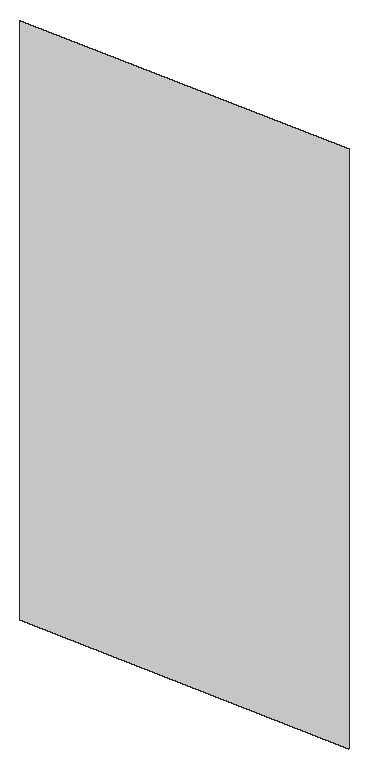
Revit family "PKNail Duplex Outlet", category Electrical Fixtures, host Wall, Revit 2017
Family settings
  Host = Wall
  Maintain Annotation Orientation = No
  Round Connector Dimension = Use Diameter
  Part Type = Normal
  OmniClass Number = 23.80.50.11.11
  OmniClass Title = Receptacle Terminal Units
  Always vertical = Yes
  Cut with Voids When Loaded = No
  Shared = No
  Room Calculation Point = No
Parameters (values of type "Duplex Outlet")
  Width = 0' - 2 3/4"
  PKNail Family Measure Location Centered = yes
  PKNail Family Instance Elevation [instance] = 0' - 10"
  PKNail Family Fixed Dimensions = "Width:Height"
  Height = 0' - 4 1/2"
  Material = Plastic - White
  Assembly Code = ""
Reference planes (in)
  plane 1: y = 0
  plane 2 "Center (Left/Right)": x = 0
  plane 3 "Back": y = 3
  plane 4 "Left": x = -1.375
  plane 5 "Right": x = 1.375
  plane 6: z = 9.75
  plane 7: z = 14.25
  plane 8 "Center (Elevation)": z = 12
  plane 9: y = 3.1875
  plane 10: y = 3.25
  plane 11: z = 2
Forms (in)
  Blend 1, solid, material "Plastic - White" <- "Material"
    base sketch origin (0, 3, 0) x (1, 0, 0) y (0, 0, 1)
      loop
        line (1.375, 14.25) -> (-1.375, 14.25) -> (-1.375, 9.75) -> (1.375, 9.75) -> (1.375, 14.25)
    top sketch origin (0, 3, 0) x (1, 0, 0) y (0, 0, 1)
      loop
        line (1.1875, 14.0625) -> (-1.1875, 14.0625) -> (-1.1875, 9.9375) -> (1.1875, 9.9375) -> (1.1875, 14.0625)
    from 0 to -0.1875
Lines and regions (in)
  model lines, style "InvisibleLines"
    curve 1: line (0, 3, 2) -> (0, 3, 9.75)
Text (in)
  text "Placement Side" at (0, 40.15149, 123.01588), in view "Right"
  text "Placement Side" at (0, 47.49176, 140.59947), in view "Left"
Dimensions and locks (in)
  locked: plane 3 "Back" to host wall
  "Height": plane 6 to plane 7
  "Width": plane 5 "Right" to plane 4 "Left"
  equal spacing: plane 5 "Right", plane 2 "Center (Left/Right)", plane 4 "Left"
  equal spacing: plane 6, plane 8 "Center (Elevation)", plane 7
  locked: plane 3 "Back" to plane 9 at 0.1875
  locked: plane 9 to plane 10 at 0.0625
  "PKNail Family Instance Elevation": plane 11 to plane 8 "Center (Elevation)"
  aligned and locked: plane 6 to Blend 1 sketch curve
  aligned and locked: plane 5 "Right" to Blend 1 sketch curve
  aligned and locked: Blend 1 sketch curve to plane 7
  aligned and locked: plane 3 "Back" to nested 1
  aligned and locked: Blend 1 to curve 1
  aligned and locked: plane 2 "Center (Left/Right)" to curve 1
Automatic sketch dimensions
  plane 4 "Left" to Blend 1 sketch curve = 0' - 0 3/16"
  Blend 1 sketch curve to plane 5 "Right" = 0' - 0 3/16"
  Blend 1 sketch curve to plane 6 = 0' - 0 3/16"
  plane 7 to Blend 1 sketch curve = 0' - 0 3/16"
  Blend 1 sketch curve to plane 4 "Left" = 0' - 0"
  curve 1 to plane 11 = 0' - 0"
Nested families (in)
  nested 1: "Outlet Annotation" at (-0.0036, 3, 0), type "Outlet Annotation"
Definition of nested family "Outlet Annotation"
  Reference planes (in)
    plane 1: y = 0
    plane 2: x = 0
  Lines and regions (in)
    detail lines
      curve 1: arc (-0.04796, 0.10653, 0) -> (0.048, 0.15902, 0) -> (-0.04796, 0.10653, 0) r 0.05469
      curve 2: line (-0.01815, 0.01567, 0) -> (-0.01815, 0.1844, 0)
      curve 3: line (0.01815, 0.01567, 0) -> (0.01815, 0.1844, 0)
